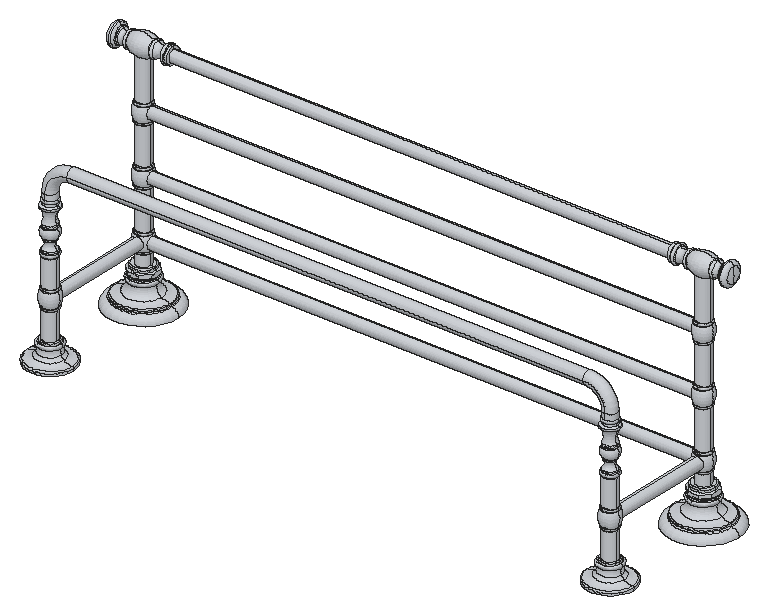
Revit family "Accessory-Towel_Bar-KOHLER-Artifacts-K-72575_1", category Specialty Equipment, host Face, Revit 2015 (continued)
Definition of nested family "K-72575"
  Automatic sketch dimensions
    Revolve 8 sketch curve to Revolve 8 sketch curve = 0.04899"
    Revolve 8 sketch curve to Revolve 8 sketch curve = 0.24786"
    Revolve 8 sketch curve to plane 12 = 0.24481"
    Revolve 8 sketch curve to Revolve 8 sketch curve = 0.01758"
    plane 12 to Revolve 8 sketch curve = 0.2323"
    Revolve 8 sketch curve to Revolve 8 sketch curve = 0.00064"
    Revolve 8 sketch curve to Revolve 8 sketch curve = 0.03423"
    plane 12 to Revolve 8 sketch curve = 0.56939"
    Revolve 8 sketch curve to Revolve 8 sketch curve = 0.62212"
    Revolve 8 sketch curve to Revolve 8 sketch curve = 0.04354"
    Revolve 8 sketch curve to Revolve 8 sketch curve = 0.08421"
    Revolve 8 sketch curve to Revolve 8 sketch curve = 0.11917"
    Revolve 8 sketch curve to Revolve 8 sketch curve = 0.04946"
    Revolve 8 sketch curve to Revolve 8 sketch curve = 0"  (x11)
    Revolve 8 sketch curve to Revolve 8 sketch curve = 3/128"
    Revolve 8 sketch curve to Revolve 8 sketch curve = 0.02277"
    Revolve 8 sketch curve to Revolve 8 sketch curve = 0.08394"
    Sweep 9 sketch curve to plane 4 "A" = 0"
    Sweep 9 sketch curve to plane 13 = 0"
    plane 5 "B" to Sweep 9 sketch curve = 0"
    plane 15 to Sweep 9 sketch curve = 143/256"
    Sweep 9 sketch curve to Sweep 9 sketch curve = 0.25533"  (x2)
    plane 17 "C" to Sweep 9 sketch curve = 0"
    Sweep 9 sketch curve to profile plane = 0"
    Revolve 10 sketch curve to level = 0"  (x2)
    plane 5 "B" to Revolve 10 sketch curve = 0"  (x2)
    Revolve 10 sketch curve to plane 12 = 0.01966"
    plane 5 "B" to Revolve 10 sketch curve = 0.07216"
    plane 5 "B" to Revolve 10 sketch curve = 0.1261"
    plane 5 "B" to Revolve 10 sketch curve = 0.21218"
    plane 5 "B" to Revolve 10 sketch curve = 0.26686"
    plane 5 "B" to Revolve 10 sketch curve = 0.2716"
    Revolve 10 sketch curve to Revolve 10 sketch curve = 0.00399"
    plane 5 "B" to Revolve 10 sketch curve = 0.2788"
    Revolve 10 sketch curve to Revolve 10 sketch curve = 0.01793"
    Revolve 10 sketch curve to Revolve 10 sketch curve = 0.00878"
    Revolve 10 sketch curve to Revolve 10 sketch curve = 0.16519"
    plane 5 "B" to Revolve 10 sketch curve = 0.29929"
    Revolve 10 sketch curve to Revolve 10 sketch curve = 0.01829"
    Revolve 10 sketch curve to Revolve 10 sketch curve = 0.00736"
    Revolve 10 sketch curve to Revolve 10 sketch curve = 0.00357"
    Revolve 10 sketch curve to Revolve 10 sketch curve = 0.02622"
    Revolve 10 sketch curve to Revolve 10 sketch curve = 0.10908"
    Revolve 10 sketch curve to Revolve 10 sketch curve = 0.03404"
    Revolve 10 sketch curve to Revolve 10 sketch curve = 0.05276"
    Revolve 10 sketch curve to Revolve 10 sketch curve = 0.04771"
    Revolve 10 sketch curve to Revolve 10 sketch curve = 0.07301"
    Revolve 10 sketch curve to Revolve 10 sketch curve = 0.05632"
    Revolve 10 sketch curve to Revolve 10 sketch curve = 0.05428"
    Revolve 10 sketch curve to Revolve 10 sketch curve = 0.0551"
    Revolve 10 sketch curve to Revolve 10 sketch curve = 0.06404"
    Revolve 10 sketch curve to Revolve 10 sketch curve = 0.00094"
    Revolve 10 sketch curve to Revolve 10 sketch curve = 0.02951"
    Revolve 10 sketch curve to Revolve 10 sketch curve = 0.06325"
    Revolve 10 sketch curve to Revolve 10 sketch curve = 0.137"
    Revolve 10 sketch curve to Revolve 10 sketch curve = 0.34356"
    Revolve 10 sketch curve to Revolve 10 sketch curve = 0.47843"
    Revolve 10 sketch curve to Revolve 10 sketch curve = 0.07831"
    Revolve 10 sketch curve to Revolve 10 sketch curve = 0.06278"
    Revolve 10 sketch curve to level = 0.09072"
    Revolve 10 sketch curve to Revolve 10 sketch curve = 0.15118"
    Revolve 10 sketch curve to Revolve 10 sketch curve = 0.04823"
    Revolve 10 sketch curve to plane 11 = 0.00007"
    Revolve 10 sketch curve to plane 5 "B" = 0.28471"
    Revolve 10 sketch curve to Revolve 10 sketch curve = 0.402"
    Revolve 10 sketch curve to Revolve 10 sketch curve = 0.02945"
    Revolve 10 sketch curve to Revolve 10 sketch curve = 0.15752"
    Revolve 10 sketch curve to Revolve 10 sketch curve = 0.2095"
    Revolve 10 sketch curve to Revolve 10 sketch curve = 0.0605"
    Revolve 10 sketch curve to Revolve 10 sketch curve = 0.06893"
    plane 11 to Revolve 10 sketch curve = 0.43601"
    Revolve 10 sketch curve to Revolve 10 sketch curve = 0.07678"
    Revolve 10 sketch curve to Revolve 10 sketch curve = 0.03964"
    Revolve 10 sketch curve to plane 11 = 0.31958"
    Revolve 10 sketch curve to Revolve 10 sketch curve = 0.03965"
    Revolve 10 sketch curve to Revolve 10 sketch curve = 17/256"
    plane 12 to Revolve 10 sketch curve = 0.90475"
    Revolve 10 sketch curve to Revolve 10 sketch curve = 0.0965"
    Revolve 10 sketch curve to Revolve 10 sketch curve = 0.06019"
    Revolve 10 sketch curve to Revolve 10 sketch curve = 0.04899"
    Revolve 10 sketch curve to Revolve 10 sketch curve = 0.24786"
    plane 12 to Revolve 10 sketch curve = 0.24481"
    Revolve 10 sketch curve to Revolve 10 sketch curve = 0.01758"
    Revolve 10 sketch curve to plane 12 = 0.2323"
    Revolve 10 sketch curve to Revolve 10 sketch curve = 0.00064"
    Revolve 10 sketch curve to Revolve 10 sketch curve = 0.03423"
    Revolve 10 sketch curve to plane 12 = 0.56939"
    Revolve 10 sketch curve to Revolve 10 sketch curve = 0.62212"
    Revolve 10 sketch curve to Revolve 10 sketch curve = 0.04354"
    Revolve 10 sketch curve to Revolve 10 sketch curve = 0.08421"
    Revolve 10 sketch curve to Revolve 10 sketch curve = 0.11917"
    Revolve 10 sketch curve to Revolve 10 sketch curve = 0.04946"
    Revolve 10 sketch curve to Revolve 10 sketch curve = 0.03997"
    Revolve 10 sketch curve to Revolve 10 sketch curve = 0"  (x11)
    Revolve 10 sketch curve to Revolve 10 sketch curve = 0.02527"
    Revolve 10 sketch curve to Revolve 10 sketch curve = 0.08394"
    Revolve 11 sketch curve to level = 0"  (x2)
    Revolve 11 sketch curve to plane 14 = 0"
    plane 5 "B" to Revolve 11 sketch curve = 0"  (x2)
    plane 5 "B" to Revolve 11 sketch curve = 0.29917"
    plane 5 "B" to Revolve 11 sketch curve = 0.30052"
    plane 5 "B" to Revolve 11 sketch curve = 0.3012"
    plane 5 "B" to Revolve 11 sketch curve = 0.30123"
    Revolve 11 sketch curve to Revolve 11 sketch curve = 0.00571"
    Revolve 11 sketch curve to Revolve 11 sketch curve = 0.00843"
    Revolve 11 sketch curve to Revolve 11 sketch curve = 0.0071"
    Revolve 11 sketch curve to Revolve 11 sketch curve = 0.01241"  (x2)
    Revolve 11 sketch curve to Revolve 11 sketch curve = 0.0122"
    Revolve 11 sketch curve to Revolve 11 sketch curve = 0.03081"
    Revolve 11 sketch curve to Revolve 11 sketch curve = 0.03344"  (x2)
    Revolve 11 sketch curve to Revolve 11 sketch curve = 0.03331"
    Revolve 11 sketch curve to Revolve 11 sketch curve = 0.03346"
    Revolve 11 sketch curve to Revolve 11 sketch curve = 0.03637"
    Revolve 11 sketch curve to Revolve 11 sketch curve = 0.04431"  (x2)
    Revolve 11 sketch curve to Revolve 11 sketch curve = 0.04425"
    Revolve 11 sketch curve to Revolve 11 sketch curve = 0.05194"  (x2)
    Revolve 11 sketch curve to Revolve 11 sketch curve = 0.05214"
    Revolve 11 sketch curve to Revolve 11 sketch curve = 0.15986"
    Revolve 11 sketch curve to Revolve 11 sketch curve = 0.03881"
    Revolve 11 sketch curve to Revolve 11 sketch curve = 0.01162"
    Revolve 11 sketch curve to Revolve 11 sketch curve = 0.02915"
    Revolve 11 sketch curve to Revolve 11 sketch curve = 0.03956"
    Revolve 11 sketch curve to Revolve 11 sketch curve = 0.02776"
    Revolve 11 sketch curve to Revolve 11 sketch curve = 0.04423"
    Revolve 11 sketch curve to Revolve 11 sketch curve = 0.06331"
    Revolve 11 sketch curve to Revolve 11 sketch curve = 0.02841"
    Revolve 11 sketch curve to Revolve 11 sketch curve = 0.16427"
    Revolve 11 sketch curve to Revolve 11 sketch curve = 0.3264"
    plane 15 to Revolve 11 sketch curve = 0.3523"
    Revolve 11 sketch curve to Revolve 11 sketch curve = 0.03118"
    level to Revolve 11 sketch curve = 0.00113"
    plane 15 to Revolve 11 sketch curve = 0.31703"
    plane 15 to Revolve 11 sketch curve = 0.28706"
    Revolve 11 sketch curve to Revolve 11 sketch curve = 0.0377"
    plane 15 to Revolve 11 sketch curve = 0"
    Revolve 11 sketch curve to plane 11 = 0.00022"
    Revolve 11 sketch curve to plane 5 "B" = 0.2671"
    Revolve 11 sketch curve to plane 12 = 0.00041"
    Revolve 11 sketch curve to plane 5 "B" = 0.26746"
    plane 13 to Revolve 11 sketch curve = 0.04661"
    Revolve 11 sketch curve to plane 5 "B" = 0.26917"
    Revolve 11 sketch curve to Revolve 11 sketch curve = 0.35314"
    Revolve 11 sketch curve to Revolve 11 sketch curve = 0.05691"
    Revolve 11 sketch curve to Revolve 11 sketch curve = 0.4679"
    Revolve 11 sketch curve to Revolve 11 sketch curve = 0.10388"
    Revolve 11 sketch curve to Revolve 11 sketch curve = 0.09152"
    Revolve 11 sketch curve to Revolve 11 sketch curve = 0.06089"
    Revolve 11 sketch curve to Revolve 11 sketch curve = 0.04434"
    Revolve 11 sketch curve to Revolve 11 sketch curve = 0.0987"
    Revolve 11 sketch curve to Revolve 11 sketch curve = 0.06608"
    Revolve 11 sketch curve to Revolve 11 sketch curve = 0.22309"
    Revolve 11 sketch curve to Revolve 11 sketch curve = 0.0852"
    Revolve 11 sketch curve to plane 11 = 0.42544"
    Revolve 11 sketch curve to Revolve 11 sketch curve = 0.06437"  (x2)
    Revolve 11 sketch curve to Revolve 11 sketch curve = 0.04173"  (x2)
    plane 11 to Revolve 11 sketch curve = 0.31567"
    Revolve 11 sketch curve to Revolve 11 sketch curve = 0.04164"  (x2)
    Revolve 11 sketch curve to Revolve 11 sketch curve = 0.06813"
    Revolve 11 sketch curve to plane 12 = 0.42858"
    Revolve 11 sketch curve to Revolve 11 sketch curve = 0.00312"
    Revolve 11 sketch curve to Revolve 11 sketch curve = 0.06426"
    Revolve 11 sketch curve to Revolve 11 sketch curve = 0.0419"
    plane 12 to Revolve 11 sketch curve = 0.31576"
    Revolve 11 sketch curve to Revolve 11 sketch curve = 0.04041"
    Revolve 11 sketch curve to Revolve 11 sketch curve = 0.07173"
    Revolve 11 sketch curve to Revolve 11 sketch curve = 0.01233"
    plane 13 to Revolve 11 sketch curve = 0.47183"
    Revolve 11 sketch curve to plane 13 = 0.26929"
    Revolve 11 sketch curve to Revolve 11 sketch curve = 0.06555"
    Revolve 11 sketch curve to Revolve 11 sketch curve = 0"  (x10)
    Revolve 11 sketch curve to Revolve 11 sketch curve = 0.01391"
    Revolve 11 sketch curve to Revolve 11 sketch curve = 0.01112"
    Revolve 11 sketch curve to Revolve 11 sketch curve = 0.01044"
    Revolve 11 sketch curve to Revolve 11 sketch curve = 0.00073"
    Revolve 11 sketch curve to Revolve 11 sketch curve = 0.02369"  (x2)
    Revolve 11 sketch curve to Revolve 11 sketch curve = 0.02379"
    Revolve 11 sketch curve to Revolve 11 sketch curve = 0.02439"
    Revolve 11 sketch curve to Revolve 11 sketch curve = 0.01943"
    Revolve 11 sketch curve to Revolve 11 sketch curve = 0.02102"
    level to Revolve 11 sketch curve = 1/2"
    Revolve 12 sketch curve to plane 11 = 0"  (x2)
    Revolve 12 sketch curve to plane 17 "C" = 0"
    Revolve 12 sketch curve to plane 1 "Center (Front/Back)" = 0"  (x2)
    plane 11 to Revolve 12 sketch curve = 1/4"
    plane 1 "Center (Front/Back)" to Revolve 12 sketch curve = 0.36027"
    Revolve 13 sketch curve to plane 17 "C" = 0"
    Revolve 13 sketch curve to plane 11 = 0"  (x2)
    Revolve 13 sketch curve to plane 1 "Center (Front/Back)" = 0"  (x2)
    Revolve 13 sketch curve to Revolve 13 sketch curve = 1/4"
    Revolve 13 sketch curve to plane 1 "Center (Front/Back)" = 0.28073"
    Masking region 1 sketch curve to Masking region 1 sketch curve = 0"  (x99)
    Masking region 1 sketch curve to level = 0"  (x2)
    Masking region 1 sketch curve to plane 6 = 0"
    Masking region 1 sketch curve to plane 14 = 0"  (x2)
    Masking region 1 sketch curve to plane 4 "A" = 0"  (x3)
    plane 7 to Masking region 1 sketch curve = 0"
    Masking region 1 sketch curve to plane 15 = 0"
    plane 5 "B" to Masking region 1 sketch curve = 0"  (x3)
    plane 16 to Masking region 1 sketch curve = 0"
    level to Masking region 1 sketch curve = 0.00113"  (x4)
    Masking region 1 sketch curve to Masking region 1 sketch curve = 0.0377"  (x4)
    Masking region 1 sketch curve to Masking region 1 sketch curve = 0.03118"  (x4)
    Masking region 1 sketch curve to Masking region 1 sketch curve = 0.00046"  (x4)
    Masking region 1 sketch curve to Masking region 1 sketch curve = 0.00366"  (x4)
    Masking region 1 sketch curve to Masking region 1 sketch curve = 0.03569"  (x2)
    Masking region 1 sketch curve to Masking region 1 sketch curve = 0.15685"  (x4)
    Masking region 1 sketch curve to Masking region 1 sketch curve = 0.3264"  (x4)
    Masking region 1 sketch curve to Masking region 1 sketch curve = 0.00933"  (x2)
    Masking region 1 sketch curve to Masking region 1 sketch curve = 0.01908"  (x2)
    Masking region 1 sketch curve to Masking region 1 sketch curve = 0.03555"  (x2)
    Masking region 1 sketch curve to Masking region 1 sketch curve = 0.00593"  (x2)
    Masking region 1 sketch curve to Masking region 1 sketch curve = 0.19137"  (x4)
    Masking region 1 sketch curve to Masking region 1 sketch curve = 0.06331"  (x4)
    Masking region 1 sketch curve to Masking region 1 sketch curve = 0.03147"  (x3)
    Masking region 1 sketch curve to Masking region 1 sketch curve = 0.0195"  (x4)
    Masking region 1 sketch curve to Masking region 1 sketch curve = 0.06259"  (x3)
    Masking region 1 sketch curve to Masking region 1 sketch curve = 0.06918"  (x4)
    Masking region 1 sketch curve to Masking region 1 sketch curve = 0.03881"  (x4)
    Masking region 1 sketch curve to plane 4 "A" = 0.36421"
    Masking region 1 sketch curve to plane 4 "A" = 0.36063"
    Masking region 1 sketch curve to plane 4 "A" = 0.36025"
    Masking region 1 sketch curve to plane 4 "A" = 0.35974"
    Masking region 1 sketch curve to plane 4 "A" = 0.35818"
    Masking region 1 sketch curve to plane 4 "A" = 0.35795"
    Masking region 1 sketch curve to plane 4 "A" = 0.35765"
    Masking region 1 sketch curve to plane 4 "A" = 0.35589"
    Masking region 1 sketch curve to Masking region 1 sketch curve = 0.02388"  (x3)
    Masking region 1 sketch curve to Masking region 1 sketch curve = 0.0242"  (x2)
    Masking region 1 sketch curve to Masking region 1 sketch curve = 0.02328"  (x3)
    Masking region 1 sketch curve to Masking region 1 sketch curve = 0.02314"  (x2)
    Masking region 1 sketch curve to Masking region 1 sketch curve = 0.02685"  (x2)
    Masking region 1 sketch curve to Masking region 1 sketch curve = 0.04431"  (x6)
    Masking region 1 sketch curve to Masking region 1 sketch curve = 0.04425"  (x4)
    Masking region 1 sketch curve to Masking region 1 sketch curve = 0.04962"  (x2)
    Masking region 1 sketch curve to Masking region 1 sketch curve = 0.05194"  (x6)
    Masking region 1 sketch curve to Masking region 1 sketch curve = 0.05214"  (x3)
    Masking region 1 sketch curve to Masking region 1 sketch curve = 0.05737"  (x3)
    Masking region 1 sketch curve to Masking region 1 sketch curve = 0.15986"  (x4)
    Masking region 1 sketch curve to Masking region 1 sketch curve = 0.03331"  (x3)
    Masking region 1 sketch curve to Masking region 1 sketch curve = 0.03081"  (x4)
    Masking region 1 sketch curve to Masking region 1 sketch curve = 0.03344"  (x4)
    Masking region 1 sketch curve to Masking region 1 sketch curve = 0.06504"  (x4)
    Masking region 1 sketch curve to Masking region 1 sketch curve = 0.07663"  (x4)
    Masking region 1 sketch curve to Masking region 1 sketch curve = 0.02582"  (x2)
    Masking region 1 sketch curve to Masking region 1 sketch curve = 0.02703"  (x3)
    Masking region 1 sketch curve to plane 11 = 0.00022"  (x4)
    Masking region 1 sketch curve to plane 4 "A" = 0.2671"
    Masking region 1 sketch curve to Masking region 1 sketch curve = 0.05594"  (x2)
    Masking region 1 sketch curve to plane 12 = 0.02258"  (x2)
    Masking region 1 sketch curve to plane 4 "A" = 0.2185"
    Masking region 1 sketch curve to Masking region 1 sketch curve = 0.02163"  (x2)
    plane 4 "A" to Masking region 1 sketch curve = 0.25508"
    plane 4 "A" to Masking region 1 sketch curve = 0.2671"
    Masking region 1 sketch curve to plane 12 = 0.00041"  (x2)
    plane 4 "A" to Masking region 1 sketch curve = 0.26746"
    plane 13 to Masking region 1 sketch curve = 0.04661"  (x2)
    plane 4 "A" to Masking region 1 sketch curve = 0.26917"
    plane 4 "A" to Masking region 1 sketch curve = 0.27214"
    Masking region 1 sketch curve to Masking region 1 sketch curve = 0.03012"  (x2)
    Masking region 1 sketch curve to Masking region 1 sketch curve = 0.01544"  (x2)
    plane 4 "A" to Masking region 1 sketch curve = 0.29917"  (x2)
    Masking region 1 sketch curve to Masking region 1 sketch curve = 0.01159"
    plane 4 "A" to Masking region 1 sketch curve = 0.30053"
    Masking region 1 sketch curve to Masking region 1 sketch curve = 0.04612"  (x2)
    plane 4 "A" to Masking region 1 sketch curve = 0.30123"
    Masking region 1 sketch curve to Masking region 1 sketch curve = 0.01806"  (x2)
    Masking region 1 sketch curve to Masking region 1 sketch curve = 0.00571"  (x2)
    Masking region 1 sketch curve to Masking region 1 sketch curve = 0.00843"  (x2)
    Masking region 1 sketch curve to Masking region 1 sketch curve = 0.00505"  (x2)
    Masking region 1 sketch curve to Masking region 1 sketch curve = 0.00981"  (x3)
    Masking region 1 sketch curve to Masking region 1 sketch curve = 0.0122"  (x2)
    Masking region 1 sketch curve to Masking region 1 sketch curve = 0.01241"  (x3)
    Masking region 1 sketch curve to Masking region 1 sketch curve = 0.03637"  (x2)
    Masking region 1 sketch curve to Masking region 1 sketch curve = 0.03311"  (x3)
    Masking region 1 sketch curve to Masking region 1 sketch curve = 0.03278"
    Masking region 1 sketch curve to Masking region 1 sketch curve = 0.01916"  (x2)
    Masking region 1 sketch curve to Masking region 1 sketch curve = 0.05176"
    Masking region 1 sketch curve to Masking region 1 sketch curve = 0.00205"  (x2)
    Masking region 1 sketch curve to Masking region 1 sketch curve = 0.00037"  (x2)
    Masking region 1 sketch curve to Masking region 1 sketch curve = 0.05173"
    Masking region 1 sketch curve to Masking region 1 sketch curve = 0.00226"  (x2)
    Masking region 1 sketch curve to Masking region 1 sketch curve = 0.00022"  (x2)
    Masking region 1 sketch curve to Masking region 1 sketch curve = 0.17005"
    Masking region 1 sketch curve to Masking region 1 sketch curve = 0.01701"
    Masking region 1 sketch curve to Masking region 1 sketch curve = 0.18705"
    Masking region 1 sketch curve to Masking region 1 sketch curve = 0.01162"  (x2)
    Masking region 1 sketch curve to Masking region 1 sketch curve = 0.02915"  (x2)
    Masking region 1 sketch curve to Masking region 1 sketch curve = 0.071"  (x4)
    Masking region 1 sketch curve to Masking region 1 sketch curve = 0.02776"  (x2)
    Masking region 1 sketch curve to Masking region 1 sketch curve = 0.04423"  (x2)
    Masking region 1 sketch curve to Masking region 1 sketch curve = 0.02841"  (x2)
    Masking region 1 sketch curve to Masking region 1 sketch curve = 0.08143"  (x4)
    Masking region 1 sketch curve to Masking region 1 sketch curve = 0.12327"  (x4)
    plane 15 to Masking region 1 sketch curve = 0.23031"  (x2)
    plane 15 to Masking region 1 sketch curve = 0.28342"
    plane 15 to Masking region 1 sketch curve = 0.28705"
    plane 15 to Masking region 1 sketch curve = 0.31703"
    Masking region 1 sketch curve to Masking region 1 sketch curve = 0.11578"  (x2)
    plane 13 to Masking region 1 sketch curve = 0.27538"
    plane 15 to Masking region 1 sketch curve = 0.55491"
    Masking region 1 sketch curve to Masking region 1 sketch curve = 0.20799"
    Masking region 1 sketch curve to Masking region 1 sketch curve = 0.03352"
    Masking region 1 sketch curve to Masking region 1 sketch curve = 0.1417"  (x4)
    plane 15 to Masking region 1 sketch curve = 0.74062"
    Masking region 1 sketch curve to Masking region 1 sketch curve = 0.21518"
    Masking region 1 sketch curve to Masking region 1 sketch curve = 0.24892"  (x4)
    Masking region 1 sketch curve to Masking region 1 sketch curve = 0.088"
    plane 5 "B" to Masking region 1 sketch curve = 0.36421"
    plane 5 "B" to Masking region 1 sketch curve = 0.36063"
    plane 5 "B" to Masking region 1 sketch curve = 0.36025"
    plane 5 "B" to Masking region 1 sketch curve = 0.36021"
    plane 5 "B" to Masking region 1 sketch curve = 0.35974"
    plane 5 "B" to Masking region 1 sketch curve = 0.35969"
    Masking region 1 sketch curve to Masking region 1 sketch curve = 0.33822"  (x2)
    plane 5 "B" to Masking region 1 sketch curve = 0.29917"
    plane 5 "B" to Masking region 1 sketch curve = 0.26917"
    Masking region 1 sketch curve to Masking region 1 sketch curve = 0.09223"
    Masking region 1 sketch curve to Masking region 1 sketch curve = 0.09311"
    plane 12 to Masking region 1 sketch curve = 0.0314"  (x2)
    Masking region 1 sketch curve to plane 5 "B" = 0.19687"
    Masking region 1 sketch curve to plane 5 "B" = 0.25508"
    Masking region 1 sketch curve to plane 5 "B" = 0.2671"
    Masking region 1 sketch curve to plane 5 "B" = 0.27214"
    Masking region 1 sketch curve to plane 5 "B" = 0.29917"  (x2)
    Masking region 1 sketch curve to plane 5 "B" = 0.30053"
    Masking region 1 sketch curve to plane 5 "B" = 0.30123"
    Masking region 1 sketch curve to Masking region 1 sketch curve = 0.18886"
    Masking region 1 sketch curve to plane 5 "B" = 0.48939"
    Masking region 1 sketch curve to Masking region 1 sketch curve = 0.42384"  (x3)
    Masking region 1 sketch curve to Masking region 1 sketch curve = 0.03203"  (x2)
    Masking region 1 sketch curve to Masking region 1 sketch curve = 0.15951"  (x4)
    plane 16 to Masking region 1 sketch curve = 0.3523"
    plane 16 to Masking region 1 sketch curve = 0.31703"
    Masking region 1 sketch curve to Masking region 1 sketch curve = 0.09301"  (x2)
    plane 16 to Masking region 1 sketch curve = 0.28705"
    level to Masking region 1 sketch curve = 0.35427"  (x2)
    Masking region 1 sketch curve to Masking region 1 sketch curve = 0.35314"  (x2)
    Masking region 1 sketch curve to Masking region 1 sketch curve = 0.05691"  (x4)
    Masking region 1 sketch curve to Masking region 1 sketch curve = 0.4679"  (x4)
    Masking region 1 sketch curve to Masking region 1 sketch curve = 0.10388"  (x4)
    Masking region 1 sketch curve to Masking region 1 sketch curve = 0.09152"  (x4)
    Masking region 1 sketch curve to Masking region 1 sketch curve = 0.06089"  (x4)
    Masking region 1 sketch curve to Masking region 1 sketch curve = 0.04434"  (x4)
    Masking region 1 sketch curve to Masking region 1 sketch curve = 0.01817"  (x4)
    Masking region 1 sketch curve to Masking region 1 sketch curve = 0.54876"  (x4)
    Masking region 1 sketch curve to Masking region 1 sketch curve = 0.18009"  (x4)
    Masking region 1 sketch curve to Masking region 1 sketch curve = 0.03614"  (x4)
    Masking region 1 sketch curve to Masking region 1 sketch curve = 0.0852"  (x4)
    Masking region 1 sketch curve to plane 11 = 0.42544"  (x3)
    Masking region 1 sketch curve to Masking region 1 sketch curve = 0.06437"  (x6)
    Masking region 1 sketch curve to Masking region 1 sketch curve = 0.04173"  (x6)
    Masking region 1 sketch curve to Masking region 1 sketch curve = 0.06935"  (x2)
    plane 11 to Masking region 1 sketch curve = 1/4"
    Masking region 1 sketch curve to Masking region 1 sketch curve = 0.06567"  (x2)
    plane 11 to Masking region 1 sketch curve = 0.31567"  (x2)
    Masking region 1 sketch curve to Masking region 1 sketch curve = 0.05386"  (x2)
    Masking region 1 sketch curve to Masking region 1 sketch curve = 0.04164"  (x6)
    Masking region 1 sketch curve to Masking region 1 sketch curve = 0.06476"  (x4)
    Masking region 1 sketch curve to Masking region 1 sketch curve = 0.00216"  (x4)
    Masking region 1 sketch curve to Masking region 1 sketch curve = 0.88259"
    Masking region 1 sketch curve to Masking region 1 sketch curve = 0.09695"  (x4)
    Masking region 1 sketch curve to Masking region 1 sketch curve = 0.06016"  (x4)
    Masking region 1 sketch curve to Masking region 1 sketch curve = 0.04447"  (x4)
    Masking region 1 sketch curve to Masking region 1 sketch curve = 0.24336"  (x4)
    Masking region 1 sketch curve to Masking region 1 sketch curve = 0.00312"  (x4)
    Masking region 1 sketch curve to Masking region 1 sketch curve = 0.06426"  (x4)
    Masking region 1 sketch curve to Masking region 1 sketch curve = 0.0419"  (x4)
    Masking region 1 sketch curve to Masking region 1 sketch curve = 0.05706"  (x2)
    plane 12 to Masking region 1 sketch curve = 1/4"
    Masking region 1 sketch curve to Masking region 1 sketch curve = 0.06576"  (x2)
    plane 12 to Masking region 1 sketch curve = 0.31576"  (x2)
    Masking region 1 sketch curve to Masking region 1 sketch curve = 0.05287"  (x2)
    Masking region 1 sketch curve to Masking region 1 sketch curve = 0.04041"  (x2)
    Masking region 1 sketch curve to Masking region 1 sketch curve = 0.07173"  (x4)
    Masking region 1 sketch curve to Masking region 1 sketch curve = 0.01233"  (x4)
    Masking region 1 sketch curve to Masking region 1 sketch curve = 0.36532"  (x2)
    Masking region 1 sketch curve to Masking region 1 sketch curve = 0.18741"  (x2)
    Masking region 1 sketch curve to Masking region 1 sketch curve = 0.40956"  (x4)
    Masking region 1 sketch curve to Masking region 1 sketch curve = 0.12243"  (x4)
    Masking region 1 sketch curve to Masking region 1 sketch curve = 0.02154"  (x4)
    Masking region 1 sketch curve to Masking region 1 sketch curve = 0.08842"  (x4)
    Masking region 1 sketch curve to Masking region 1 sketch curve = 0.12524"  (x4)
    Masking region 1 sketch curve to Masking region 1 sketch curve = 0.04416"  (x4)
    Masking region 1 sketch curve to Masking region 1 sketch curve = 0.2719"
    Masking region 1 sketch curve to Masking region 1 sketch curve = 0.23839"
    plane 13 to Masking region 1 sketch curve = 0.47183"  (x2)
    Masking region 1 sketch curve to plane 13 = 1/4"
    Masking region 1 sketch curve to Masking region 1 sketch curve = 0.01929"  (x2)
    Masking region 1 sketch curve to plane 13 = 0.26929"  (x2)
    Masking region 1 sketch curve to Masking region 1 sketch curve = 0.06555"  (x4)
    plane 14 to Masking region 1 sketch curve = 0.5146"  (x2)
    plane 14 to Masking region 1 sketch curve = 0.47541"  (x2)
    Masking region 1 sketch curve to Masking region 1 sketch curve = 0.06507"  (x2)
    plane 14 to Masking region 1 sketch curve = 0.39568"  (x2)
    Masking region 1 sketch curve to Masking region 1 sketch curve = 0.1233"  (x2)
    Masking region 1 sketch curve to Masking region 1 sketch curve = 0.00502"  (x2)
    Masking region 1 sketch curve to Masking region 1 sketch curve = 0.14315"
    Masking region 1 sketch curve to Masking region 1 sketch curve = 0.03889"
    Masking region 1 sketch curve to Masking region 1 sketch curve = 0.02713"  (x2)
    Masking region 1 sketch curve to Masking region 1 sketch curve = 0.03285"  (x2)
    Masking region 1 sketch curve to Masking region 1 sketch curve = 0.058"
    Masking region 1 sketch curve to Masking region 1 sketch curve = 0.03832"
    Masking region 1 sketch curve to Masking region 1 sketch curve = 0.04068"  (x4)
    Masking region 1 sketch curve to Masking region 1 sketch curve = 0.0301"  (x6)
    Masking region 1 sketch curve to Masking region 1 sketch curve = 0.02227"  (x3)
    Masking region 1 sketch curve to Masking region 1 sketch curve = 0.02927"  (x4)
    Masking region 1 sketch curve to Masking region 1 sketch curve = 0.0919"  (x4)
    Masking region 1 sketch curve to Masking region 1 sketch curve = 0.07114"  (x4)
    Masking region 1 sketch curve to Masking region 1 sketch curve = 0.09025"  (x4)
    Masking region 1 sketch curve to Masking region 1 sketch curve = 0.03297"  (x4)
    Masking region 1 sketch curve to Masking region 1 sketch curve = 0.10035"  (x2)
    Masking region 1 sketch curve to plane 14 = 0.25026"
    Masking region 1 sketch curve to plane 14 = 0.27081"  (x2)
    Masking region 1 sketch curve to plane 14 = 0.2812"  (x4)
    Masking region 1 sketch curve to Masking region 1 sketch curve = 0.0054"  (x2)
    Masking region 1 sketch curve to Masking region 1 sketch curve = 0.07808"  (x2)
    Masking region 1 sketch curve to Masking region 1 sketch curve = 0.05221"  (x2)
    Masking region 1 sketch curve to plane 14 = 0.47541"  (x2)
    Masking region 1 sketch curve to Masking region 1 sketch curve = 0.15615"  (x2)
    plane 6 to Masking region 1 sketch curve = 0.18858"
    Masking region 1 sketch curve to Masking region 1 sketch curve = 0.02121"  (x3)
    Masking region 1 sketch curve to Masking region 1 sketch curve = 0.01936"  (x3)
    Masking region 1 sketch curve to Masking region 1 sketch curve = 0.01943"  (x4)
    Masking region 1 sketch curve to Masking region 1 sketch curve = 0.0217"  (x2)
    Masking region 1 sketch curve to Masking region 1 sketch curve = 0.02439"  (x2)
    Masking region 1 sketch curve to Masking region 1 sketch curve = 0.02379"
    Masking region 1 sketch curve to Masking region 1 sketch curve = 0.01044"  (x3)
    Masking region 1 sketch curve to Masking region 1 sketch curve = 0.01391"  (x2)
    Masking region 1 sketch curve to Masking region 1 sketch curve = 0.01926"  (x2)
    Masking region 1 sketch curve to Masking region 1 sketch curve = 0.02102"  (x2)
    Masking region 1 sketch curve to plane 15 = 10 1/2"
    Masking region 1 sketch curve to Masking region 1 sketch curve = 10.92665"
    Masking region 1 sketch curve to Masking region 1 sketch curve = 0.31397"
    Masking region 1 sketch curve to Masking region 1 sketch curve = 0.02369"  (x2)
    Masking region 1 sketch curve to Masking region 1 sketch curve = 0.01336"
    level to curve 25 = 0.31674"
    curve 25 to curve 26 = 0.06331"
    curve 46 to curve 47 = 0.08633"
    curve 47 to curve 48 = 0.25891"
    curve 48 to curve 49 = 0.11423"
    curve 49 to curve 52 = 0.03166"
    curve 41 to plane 4 "A" = 0.33697"
    curve 43 to plane 4 "A" = 0.33674"
    curve 29 to plane 4 "A" = 0.33597"
    curve 35 to plane 4 "A" = 0.33535"
    curve 28 to plane 4 "A" = 0.33426"
    curve 34 to plane 4 "A" = 0.33376"
    curve 43 to curve 42 = 0.01182"
    curve 28 to curve 27 = 0.00998"
    curve 34 to curve 33 = 0.0097"
    curve 29 to curve 30 = 0.01243"
    curve 35 to curve 36 = 0.01372"
    curve 41 to curve 40 = 0.01665"
    curve 32 to plane 4 "A" = 0.30326"
    curve 32 to curve 32 = 0.00206"
    curve 45 to plane 4 "A" = 0.29917"
    curve 45 to curve 38 = 0"
    plane 4 "A" to curve 37 = 0.29917"
    curve 44 to curve 37 = 0"
    plane 4 "A" to curve 31 = 0.3012"
    curve 31 to curve 31 = 0.00206"
    plane 4 "A" to curve 40 = 41/128"
    plane 4 "A" to curve 36 = 0.32163"
    plane 4 "A" to curve 42 = 0.32338"
    plane 4 "A" to curve 30 = 0.32354"
    curve 31 to curve 33 = 0.02287"
    plane 4 "A" to curve 27 = 0.32428"
    curve 33 to curve 34 = 0.0097"
    curve 27 to curve 28 = 0.00998"
    curve 36 to curve 35 = 0.01372"
    curve 30 to curve 29 = 0.01243"
    curve 40 to curve 41 = 0.01665"
    curve 42 to curve 43 = 0.01375"
    plane 4 "A" to curve 51 = 0.4667"
    curve 51 to curve 50 = 0.04675"
    curve 50 to curve 56 = 0.09836"
    curve 53 to curve 54 = 0.10949"
    curve 54 to curve 55 = 0.03219"
    curve 26 to curve 25 = 0.06331"
    curve 55 to curve 57 = 0.12327"
    plane 15 to curve 112 = 0.23031"
    plane 15 to curve 80 = 0.28699"
    curve 80 to curve 81 = 0.06331"
    curve 112 to curve 110 = 0.12327"
    curve 110 to curve 109 = 0.03219"
    curve 109 to curve 108 = 0.10949"
    curve 108 to curve 111 = 0.39292"
    plane 5 "B" to curve 94 = 0.60382"
    curve 111 to curve 105 = 0.09836"
    curve 105 to curve 106 = 0.04675"
    plane 5 "B" to curve 98 = 0.33713"
    plane 5 "B" to curve 96 = 0.33697"
    plane 5 "B" to curve 84 = 0.33597"
    plane 5 "B" to curve 90 = 0.33535"
    plane 5 "B" to curve 83 = 0.33426"
    plane 5 "B" to curve 89 = 0.33376"
    curve 83 to curve 82 = 0.00998"
    curve 89 to curve 88 = 0.0097"
    curve 84 to curve 85 = 0.01243"
    curve 98 to curve 97 = 0.01375"
    curve 90 to curve 91 = 0.01372"
    curve 96 to curve 95 = 0.01665"
    plane 5 "B" to curve 86 = 0.30326"
    curve 86 to curve 86 = 0.00206"
    plane 5 "B" to curve 99 = 0.29917"
    curve 99 to curve 92 = 0"
    curve 93 to plane 5 "B" = 0.29917"
    curve 100 to curve 93 = 0"
    curve 87 to plane 5 "B" = 0.3012"
    curve 87 to curve 87 = 0.00206"
    curve 95 to plane 5 "B" = 41/128"
    curve 91 to plane 5 "B" = 0.32163"
    curve 85 to plane 5 "B" = 0.32354"
    curve 87 to curve 88 = 0.02287"
    curve 82 to plane 5 "B" = 0.32428"
    curve 97 to plane 5 "B" = 0.32492"
    curve 88 to curve 89 = 0.0097"
    curve 82 to curve 83 = 0.00998"
    curve 91 to curve 90 = 0.01372"
    curve 85 to curve 84 = 0.01243"
    curve 97 to curve 98 = 0.01182"
    curve 95 to curve 96 = 0.01665"
    curve 107 to plane 5 "B" = 0.47603"
    curve 107 to curve 104 = 0.03166"
    curve 94 to plane 5 "B" = 0.60382"
    curve 104 to curve 103 = 0.11423"
    curve 103 to curve 102 = 0.25891"
    curve 102 to curve 101 = 0.08633"
    plane 16 to curve 81 = 0.3503"
    curve 81 to curve 80 = 0.06331"
    level to curve 80 = 0.31674"
    curve 80 to curve 81 = 0.12556"
    curve 25 to curve 26 = 0.12556"
    curve 26 to curve 39 = 0.57123"
    curve 81 to curve 94 = 0.57123"
    curve 27 to plane 11 = 0.39365"
    curve 82 to plane 11 = 0.39365"
    curve 82 to curve 83 = 0.0864"
    curve 27 to curve 28 = 0.0864"
    plane 11 to curve 84 = 0.30345"
    plane 11 to curve 29 = 0.30345"
    curve 29 to curve 30 = 0.09018"
    curve 84 to curve 85 = 0.09018"
    curve 32 to plane 12 = 0.90517"
    curve 86 to plane 12 = 0.90517"
    curve 87 to curve 86 = 0"
    curve 31 to curve 32 = 0"
    curve 86 to curve 86 = 0.23323"
    curve 87 to curve 87 = 0.23323"
    curve 31 to curve 31 = 0.23323"
    curve 32 to curve 32 = 0.23323"
    curve 32 to curve 33 = 0.27827"
    curve 87 to curve 88 = 0.27827"
    curve 88 to curve 89 = 0.08644"
    curve 33 to curve 34 = 0.08644"
    plane 12 to curve 35 = 0.3033"
    plane 12 to curve 90 = 0.3033"
    curve 90 to curve 91 = 0.08881"
    curve 35 to curve 36 = 0.08881"
    curve 36 to curve 37 = 0.45769"
    curve 91 to curve 92 = 0.45769"
    curve 91 to curve 93 = 0.45769"
    curve 36 to curve 38 = 0.45769"
    curve 93 to curve 93 = 0.23239"
    curve 37 to curve 37 = 0.23239"
    curve 92 to curve 92 = 0.23239"
    curve 38 to curve 38 = 0.23239"
    curve 38 to curve 45 = 0.12524"
    curve 92 to curve 99 = 0.12524"
    curve 93 to curve 100 = 0.12524"
    curve 37 to curve 44 = 0.12524"
    curve 45 to curve 45 = 0.08832"
    curve 44 to curve 44 = 0.08832"
    curve 99 to curve 99 = 0.08832"
    curve 100 to curve 100 = 0.08832"
    plane 13 to curve 97 = 0.43903"
    plane 13 to curve 42 = 0.43903"
    curve 42 to curve 43 = 0.05483"
    curve 97 to curve 98 = 0.05483"
    curve 41 to plane 13 = 0.28629"
    curve 96 to plane 13 = 0.28629"
    curve 96 to curve 95 = 0.06141"
    curve 41 to curve 40 = 0.06141"
    plane 14 to curve 54 = 0.36641"
    plane 14 to curve 109 = 0.36641"
    plane 14 to curve 101 = 0.35774"
    plane 14 to curve 46 = 0.35774"
    curve 54 to curve 55 = 0.0158"
    curve 109 to curve 110 = 0.0158"
    curve 109 to curve 108 = 0.02241"
    curve 54 to curve 53 = 0.02241"
    plane 14 to curve 105 = 0.33856"
    plane 14 to curve 50 = 0.33856"
    curve 105 to curve 106 = 0.00338"
    curve 50 to curve 51 = 0.00338"
    plane 14 to curve 104 = 0.33352"
    plane 14 to curve 49 = 0.33352"
    curve 105 to curve 111 = 0.00744"
    curve 50 to curve 56 = 0.00744"
    curve 104 to curve 107 = 0.00378"
    curve 49 to curve 52 = 0.00378"
    curve 46 to curve 47 = 0.03507"
    curve 101 to curve 102 = 0.03507"
    curve 104 to curve 103 = 0.01609"
    curve 49 to curve 48 = 0.01609"
    curve 55 to curve 57 = 0.10035"
    curve 110 to curve 112 = 0.10035"
    curve 112 to plane 14 = 0.25026"
    curve 57 to plane 14 = 0.25026"
    curve 103 to plane 14 = 0.31743"
    curve 48 to plane 14 = 0.31743"
    curve 48 to curve 47 = 0.00524"
    curve 103 to curve 102 = 0.00524"
    curve 48 to curve 52 = 0.01231"
    curve 103 to curve 107 = 0.01231"
    curve 111 to plane 14 = 0.33112"
    curve 56 to plane 14 = 0.33112"
    curve 52 to curve 49 = 0.00378"
    curve 107 to curve 104 = 0.00378"
    curve 56 to curve 51 = 0.00406"
    curve 111 to curve 106 = 0.00406"
    curve 51 to curve 50 = 0.00338"
    curve 106 to curve 105 = 0.00338"
    curve 112 to curve 108 = 3/32"
    curve 57 to curve 53 = 3/32"
    curve 53 to curve 55 = 0.00661"
    curve 108 to curve 110 = 0.00661"
    curve 47 to curve 46 = 0.03507"
    curve 102 to curve 101 = 0.03507"
    curve 110 to curve 109 = 0.0158"
    curve 55 to curve 54 = 0.0158"
    curve 15 to plane 4 "A" = 0"
    curve 14 to plane 4 "A" = 0"
    plane 5 "B" to curve 72 = 0"
    plane 5 "B" to curve 71 = 0"
    curve 8 to plane 4 "A" = 0.233"
    plane 4 "A" to curve 22 = 0.12783"
    plane 4 "A" to curve 11 = 0.233"
    plane 4 "A" to curve 18 = 0.29917"
    curve 18 to curve 20 = 0.01394"
    curve 18 to curve 19 = 0.035"
    curve 20 to curve 21 = 0.04371"
    curve 21 to curve 23 = 0.01785"
    plane 5 "B" to curve 60 = 0.37468"
    curve 79 to curve 78 = 0.01785"
    curve 78 to curve 76 = 0.02266"
    curve 78 to curve 77 = 0.04371"
    curve 76 to curve 75 = 0.035"
    plane 5 "B" to curve 68 = 0.233"
    plane 5 "B" to curve 79 = 0.12783"
    curve 65 to plane 5 "B" = 0.233"
    level to curve 71 = 0.42221"
    level to curve 14 = 0.42221"
    curve 14 to curve 8 = 0.87555"
    curve 71 to curve 65 = 0.87555"
    curve 11 to curve 11 = 0.12549"
    curve 69 to curve 68 = 0.12549"
    curve 15 to plane 11 = 0.24143"
    curve 72 to plane 11 = 0.24143"
    plane 13 to curve 18 = 0.47232"
    plane 13 to curve 76 = 0.47232"
    curve 18 to curve 20 = 0.06501"
    curve 75 to curve 77 = 0.06501"
    curve 77 to curve 78 = 0.04206"
    curve 20 to curve 21 = 0.04206"
    curve 78 to curve 60 = 0.11525"
    plane 13 to curve 22 = 0.20816"
    plane 13 to curve 79 = 0.20816"
    curve 1 to plane 4 "A" = 0.30053"
    curve 6 to curve 8 = 0.06824"
    curve 9 to curve 14 = 0.39775"
    curve 10 to plane 11 = 0.24143"
    curve 10 to plane 4 "A" = 0.39775"
    curve 7 to curve 9 = 0.10216"
    curve 17 to curve 10 = 0.14292"
    curve 16 to curve 17 = 0.01041"
    curve 9 to curve 7 = 0.06259"
    curve 10 to curve 16 = 0.01142"
    plane 4 "A" to curve 1 = 0.30053"
    curve 13 to curve 6 = 0.06824"
    curve 20 to curve 19 = 0"
    curve 21 to curve 22 = 0"
    plane 4 "A" to curve 3 = 0.33741"
    plane 4 "A" to curve 4 = 23/64"
    plane 4 "A" to curve 4 = 0.35969"
    plane 4 "A" to curve 5 = 0.36003"
    plane 4 "A" to curve 5 = 0.36021"
    curve 11 to curve 12 = 0.16475"
    curve 13 to curve 13 = 0.16475"
    curve 13 to curve 7 = 0.10216"
    curve 12 to curve 17 = 0.14292"
    curve 17 to curve 16 = 0.01041"
    curve 16 to curve 12 = 0.01142"
    curve 7 to curve 13 = 0.06259"
    curve 24 to plane 13 = 1/4"
    curve 24 to curve 23 = 0.32172"
    curve 70 to curve 68 = 0.3295"
    curve 70 to curve 69 = 0"
    curve 69 to curve 73 = 0.01142"
    curve 73 to curve 74 = 0.01041"
    curve 70 to curve 64 = 0.06259"
    plane 5 "B" to curve 70 = 0.39775"
    curve 69 to plane 11 = 0.24143"
    plane 5 "B" to curve 69 = 0.39775"
    curve 69 to curve 62 = 0.03754"
    plane 5 "B" to curve 62 = 0.36003"
    plane 5 "B" to curve 61 = 0.35969"
    plane 5 "B" to curve 61 = 23/64"
    plane 5 "B" to curve 60 = 0.33741"
    curve 78 to curve 77 = 0.01969"
    curve 78 to curve 77 = 0"
    curve 70 to curve 63 = 0.09652"
    plane 5 "B" to curve 58 = 0.30053"
    curve 58 to plane 5 "B" = 0.30053"
    curve 65 to curve 63 = 0.06824"
    curve 72 to curve 67 = 0.16475"
    curve 71 to curve 66 = 0.39775"
    curve 66 to curve 64 = 0.10216"
    curve 67 to curve 74 = 0.14292"
    curve 74 to curve 73 = 0.01041"
    curve 73 to curve 67 = 0.01142"
    curve 64 to curve 66 = 0.06259"
    plane 16 to curve 59 = 0.55751"
    curve 66 to curve 71 = 0"
    curve 70 to curve 71 = 0"
    curve 13 to curve 14 = 0"
    curve 9 to curve 14 = 0"
    curve 74 to curve 69 = 0.1624"
    curve 17 to curve 12 = 0.1624"
    curve 16 to curve 10 = 0.03471"
    curve 73 to curve 69 = 0.03471"
    curve 16 to curve 10 = 0.00686"
    curve 16 to curve 12 = 0.00686"
    curve 73 to curve 67 = 0.00686"
    curve 73 to curve 69 = 0.00686"
    curve 9 to curve 9 = 0.02676"
    curve 13 to curve 13 = 0.02676"
    curve 68 to curve 70 = 0.02676"
    curve 66 to curve 66 = 0.02676"
    curve 66 to curve 64 = 0.0629"
    curve 9 to curve 7 = 0.0629"
    curve 9 to curve 6 = 41/256"
    curve 70 to curve 63 = 41/256"
    curve 5 to plane 11 = 1/4"
    curve 62 to curve 69 = 0.00857"
    curve 5 to curve 12 = 0.00857"
    curve 67 to plane 11 = 0.24143"
    plane 11 to curve 62 = 1/4"
    plane 11 to curve 5 = 1/4"
    curve 4 to plane 12 = 1/4"
    curve 61 to plane 12 = 1/4"
    plane 12 to curve 4 = 1/4"
    plane 12 to curve 61 = 1/4"
    curve 75 to curve 75 = 0.41547"
    curve 18 to curve 18 = 0.41547"
    curve 3 to plane 13 = 1/4"
    curve 60 to plane 13 = 1/4"
    plane 14 to curve 1 = 0.41034"
    plane 14 to curve 58 = 0.41034"
    plane 14 to curve 2 = 0.33845"
    plane 14 to curve 59 = 0.33845"
    curve 2 to plane 14 = 0.33845"
    curve 59 to plane 14 = 0.33845"
    Masking region 2 sketch curve to level = 0"  (x2)
    plane 13 to Masking region 2 sketch curve = 0"
    Masking region 2 sketch curve to plane 17 "C" = 0"  (x2)
    Masking region 2 sketch curve to plane 10 = 0"
    Masking region 2 sketch curve to plane 1 "Center (Front/Back)" = 0"  (x2)
    Masking region 2 sketch curve to plane 8 = 0"
    plane 14 to Masking region 2 sketch curve = 0"
    plane 12 to Masking region 2 sketch curve = 0.01966"  (x2)
    plane 17 "C" to Masking region 2 sketch curve = 0.07216"
    plane 17 "C" to Masking region 2 sketch curve = 0.1261"
    plane 17 "C" to Masking region 2 sketch curve = 0.21218"
    plane 17 "C" to Masking region 2 sketch curve = 0.26686"
    plane 17 "C" to Masking region 2 sketch curve = 0.2716"
    Masking region 2 sketch curve to Masking region 2 sketch curve = 0.00399"  (x2)
    plane 17 "C" to Masking region 2 sketch curve = 0.2788"
    Masking region 2 sketch curve to Masking region 2 sketch curve = 0.01793"  (x2)
    Masking region 2 sketch curve to Masking region 2 sketch curve = 0.00878"  (x2)
    Masking region 2 sketch curve to Masking region 2 sketch curve = 0.16519"  (x2)
    plane 17 "C" to Masking region 2 sketch curve = 0.29929"
    plane 17 "C" to Masking region 2 sketch curve = 0.30308"
    Masking region 2 sketch curve to Masking region 2 sketch curve = 0.00357"  (x2)
    Masking region 2 sketch curve to Masking region 2 sketch curve = 0.00736"  (x2)
    Masking region 2 sketch curve to Masking region 2 sketch curve = 0.02622"
    Masking region 2 sketch curve to Masking region 2 sketch curve = 0.10908"  (x2)
    Masking region 2 sketch curve to Masking region 2 sketch curve = 0.03404"  (x2)
    Masking region 2 sketch curve to Masking region 2 sketch curve = 0.05276"  (x2)
    Masking region 2 sketch curve to Masking region 2 sketch curve = 0.04771"  (x2)
    Masking region 2 sketch curve to Masking region 2 sketch curve = 0.07301"  (x2)
    Masking region 2 sketch curve to Masking region 2 sketch curve = 0.05632"  (x2)
    Masking region 2 sketch curve to Masking region 2 sketch curve = 0.05428"
    Masking region 2 sketch curve to Masking region 2 sketch curve = 0.0551"
    Masking region 2 sketch curve to Masking region 2 sketch curve = 0.06404"  (x2)
    Masking region 2 sketch curve to Masking region 2 sketch curve = 0.00094"  (x2)
    Masking region 2 sketch curve to Masking region 2 sketch curve = 0.02951"  (x2)
    Masking region 2 sketch curve to Masking region 2 sketch curve = 0.06325"  (x2)
    Masking region 2 sketch curve to Masking region 2 sketch curve = 0.137"  (x2)
    plane 9 to Masking region 2 sketch curve = 0.19957"
    plane 9 to Masking region 2 sketch curve = 0.17767"
    Masking region 2 sketch curve to Masking region 2 sketch curve = 0.07831"  (x2)
    plane 9 to Masking region 2 sketch curve = 0.05847"
    plane 9 to Masking region 2 sketch curve = 0.04838"
    plane 9 to Masking region 2 sketch curve = 0.00015"
    Masking region 2 sketch curve to plane 17 "C" = 0.07216"
    Masking region 2 sketch curve to plane 17 "C" = 0.1261"
    Masking region 2 sketch curve to plane 17 "C" = 0.21218"
    Masking region 2 sketch curve to plane 17 "C" = 0.26686"
    Masking region 2 sketch curve to plane 17 "C" = 0.2788"
    plane 11 to Masking region 2 sketch curve = 0.00007"
    Masking region 2 sketch curve to plane 17 "C" = 0.28471"
    Masking region 2 sketch curve to plane 17 "C" = 0.29929"
    Masking region 2 sketch curve to plane 17 "C" = 0.30308"
    Masking region 2 sketch curve to Masking region 2 sketch curve = 0.04415"
    Masking region 2 sketch curve to Masking region 2 sketch curve = 0.02902"
    Masking region 2 sketch curve to Masking region 2 sketch curve = 0.02923"
    Masking region 2 sketch curve to Masking region 2 sketch curve = 0.02512"
    Masking region 2 sketch curve to Masking region 2 sketch curve = 0.02527"  (x2)
    Masking region 2 sketch curve to Masking region 2 sketch curve = 0.02587"
    Masking region 2 sketch curve to Masking region 2 sketch curve = 0.02807"
    Masking region 2 sketch curve to Masking region 2 sketch curve = 0.34356"
    Masking region 2 sketch curve to Masking region 2 sketch curve = 0.47843"
    Masking region 2 sketch curve to Masking region 2 sketch curve = 0.06278"
    level to Masking region 2 sketch curve = 0.09072"
    Masking region 2 sketch curve to Masking region 2 sketch curve = 0.15118"
    Masking region 2 sketch curve to Masking region 2 sketch curve = 0.04823"
    Masking region 2 sketch curve to plane 10 = 0.28342"
    Masking region 2 sketch curve to plane 10 = 0.28705"
    level to Masking region 2 sketch curve = 0.00113"  (x2)
    Masking region 2 sketch curve to plane 10 = 0.31703"
    Masking region 2 sketch curve to Masking region 2 sketch curve = 0.0377"  (x2)
    Masking region 2 sketch curve to Masking region 2 sketch curve = 0.03118"  (x2)
    Masking region 2 sketch curve to Masking region 2 sketch curve = 0.20799"
    Masking region 2 sketch curve to Masking region 2 sketch curve = 0.3264"  (x2)
    Masking region 2 sketch curve to Masking region 2 sketch curve = 0.00933"
    Masking region 2 sketch curve to Masking region 2 sketch curve = 0.01908"
    Masking region 2 sketch curve to Masking region 2 sketch curve = 0.03555"
    Masking region 2 sketch curve to Masking region 2 sketch curve = 0.00593"
    Masking region 2 sketch curve to Masking region 2 sketch curve = 0.02776"  (x2)
    Masking region 2 sketch curve to Masking region 2 sketch curve = 0.03378"
    Masking region 2 sketch curve to Masking region 2 sketch curve = 0.0172"  (x2)
    Masking region 2 sketch curve to Masking region 2 sketch curve = 0.06259"  (x2)
    Masking region 2 sketch curve to Masking region 2 sketch curve = 0.03881"  (x2)
    plane 1 "Center (Front/Back)" to Masking region 2 sketch curve = 0.36349"
    plane 1 "Center (Front/Back)" to Masking region 2 sketch curve = 0.36025"
    Masking region 2 sketch curve to Masking region 2 sketch curve = 0.00022"
    plane 1 "Center (Front/Back)" to Masking region 2 sketch curve = 0.35974"
    plane 1 "Center (Front/Back)" to Masking region 2 sketch curve = 0.35818"
    Masking region 2 sketch curve to Masking region 2 sketch curve = 0.00554"
    plane 1 "Center (Front/Back)" to Masking region 2 sketch curve = 0.35765"
    plane 1 "Center (Front/Back)" to Masking region 2 sketch curve = 0.35589"
    Masking region 2 sketch curve to Masking region 2 sketch curve = 0.02428"
    Masking region 2 sketch curve to Masking region 2 sketch curve = 0.0242"
    Masking region 2 sketch curve to Masking region 2 sketch curve = 0.02328"  (x2)
    Masking region 2 sketch curve to Masking region 2 sketch curve = 0.02559"
    Masking region 2 sketch curve to Masking region 2 sketch curve = 0.02314"
    Masking region 2 sketch curve to Masking region 2 sketch curve = 0.02369"  (x3)
    Masking region 2 sketch curve to Masking region 2 sketch curve = 0.02685"
    Masking region 2 sketch curve to Masking region 2 sketch curve = 0.02063"
    Masking region 2 sketch curve to Masking region 2 sketch curve = 0.04425"  (x2)
    Masking region 2 sketch curve to Masking region 2 sketch curve = 0.04431"  (x3)
    Masking region 2 sketch curve to Masking region 2 sketch curve = 0.02766"
    Masking region 2 sketch curve to Masking region 2 sketch curve = 0.05214"  (x2)
    Masking region 2 sketch curve to Masking region 2 sketch curve = 0.05194"  (x3)
    Masking region 2 sketch curve to Masking region 2 sketch curve = 0.15986"  (x2)
    Masking region 2 sketch curve to Masking region 2 sketch curve = 0.03346"  (x2)
    plane 1 "Center (Front/Back)" to Masking region 2 sketch curve = 0.30053"
    Masking region 2 sketch curve to Masking region 2 sketch curve = 0.03637"  (x2)
    plane 13 to Masking region 2 sketch curve = 0.04661"  (x2)
    plane 1 "Center (Front/Back)" to Masking region 2 sketch curve = 0.26917"
    Masking region 2 sketch curve to plane 12 = 0.00041"  (x2)
    plane 1 "Center (Front/Back)" to Masking region 2 sketch curve = 0.26746"
    Masking region 2 sketch curve to plane 11 = 0.00022"
    Masking region 2 sketch curve to Masking region 2 sketch curve = 0.09293"
    Masking region 2 sketch curve to plane 1 "Center (Front/Back)" = 0.26746"
    Masking region 2 sketch curve to plane 1 "Center (Front/Back)" = 0.26917"
    Masking region 2 sketch curve to plane 1 "Center (Front/Back)" = 0.29917"
    Masking region 2 sketch curve to plane 1 "Center (Front/Back)" = 0.30053"
    Masking region 2 sketch curve to plane 1 "Center (Front/Back)" = 0.3012"
    Masking region 2 sketch curve to plane 1 "Center (Front/Back)" = 0.30123"
    Masking region 2 sketch curve to Masking region 2 sketch curve = 0.00571"
    Masking region 2 sketch curve to Masking region 2 sketch curve = 0.00843"
    Masking region 2 sketch curve to Masking region 2 sketch curve = 0.0071"
    Masking region 2 sketch curve to Masking region 2 sketch curve = 0.01241"  (x2)
    Masking region 2 sketch curve to Masking region 2 sketch curve = 0.0122"
    Masking region 2 sketch curve to Masking region 2 sketch curve = 0.03081"
    Masking region 2 sketch curve to Masking region 2 sketch curve = 0.03344"  (x2)
    Masking region 2 sketch curve to Masking region 2 sketch curve = 0.03331"
    Masking region 2 sketch curve to Masking region 2 sketch curve = 0.01162"
    Masking region 2 sketch curve to Masking region 2 sketch curve = 0.02915"
    Masking region 2 sketch curve to Masking region 2 sketch curve = 0.04423"
    Masking region 2 sketch curve to Masking region 2 sketch curve = 0.06331"
    Masking region 2 sketch curve to Masking region 2 sketch curve = 0.02841"
    Masking region 2 sketch curve to plane 8 = 0.3523"
    Masking region 2 sketch curve to plane 8 = 0.31703"
    Masking region 2 sketch curve to plane 8 = 0.28705"
    Masking region 2 sketch curve to Masking region 2 sketch curve = 0.09072"
    Masking region 2 sketch curve to Masking region 2 sketch curve = 0.35314"
    level to Masking region 2 sketch curve = 0.35427"
    Masking region 2 sketch curve to Masking region 2 sketch curve = 0.05691"  (x2)
    Masking region 2 sketch curve to Masking region 2 sketch curve = 0.402"  (x2)
    Masking region 2 sketch curve to Masking region 2 sketch curve = 0.02945"  (x2)
    Masking region 2 sketch curve to Masking region 2 sketch curve = 0.15752"  (x2)
    Masking region 2 sketch curve to Masking region 2 sketch curve = 0.2095"  (x2)
    Masking region 2 sketch curve to Masking region 2 sketch curve = 0.0605"  (x2)
    Masking region 2 sketch curve to Masking region 2 sketch curve = 0.4679"  (x2)
    Masking region 2 sketch curve to Masking region 2 sketch curve = 0.06893"  (x2)
    Masking region 2 sketch curve to Masking region 2 sketch curve = 0.10388"  (x2)
    Masking region 2 sketch curve to Masking region 2 sketch curve = 0.09152"  (x2)
    Masking region 2 sketch curve to Masking region 2 sketch curve = 0.06089"  (x2)
    Masking region 2 sketch curve to Masking region 2 sketch curve = 0.04434"  (x2)
    Masking region 2 sketch curve to Masking region 2 sketch curve = 0.0203"  (x2)
    Masking region 2 sketch curve to Masking region 2 sketch curve = 0.54876"  (x2)
    Masking region 2 sketch curve to Masking region 2 sketch curve = 0.18009"  (x2)
    Masking region 2 sketch curve to Masking region 2 sketch curve = 0.03614"  (x2)
    Masking region 2 sketch curve to Masking region 2 sketch curve = 0.0852"  (x2)
    Masking region 2 sketch curve to plane 11 = 0.43601"  (x2)
    Masking region 2 sketch curve to plane 11 = 0.42544"  (x2)
    Masking region 2 sketch curve to Masking region 2 sketch curve = 0.06437"  (x4)
    Masking region 2 sketch curve to Masking region 2 sketch curve = 0.07678"  (x2)
    Masking region 2 sketch curve to Masking region 2 sketch curve = 0.03964"  (x2)
    Masking region 2 sketch curve to Masking region 2 sketch curve = 0.04173"  (x4)
    Masking region 2 sketch curve to Masking region 2 sketch curve = 0.01209"
    Masking region 2 sketch curve to Masking region 2 sketch curve = 0.01251"
    Masking region 2 sketch curve to Masking region 2 sketch curve = 0.05708"
    plane 11 to Masking region 2 sketch curve = 1/4"
    Masking region 2 sketch curve to Masking region 2 sketch curve = 0.05345"
    Masking region 2 sketch curve to Masking region 2 sketch curve = 0.05679"
    plane 11 to Masking region 2 sketch curve = 0.31567"
    Masking region 2 sketch curve to Masking region 2 sketch curve = 0.01223"
    plane 11 to Masking region 2 sketch curve = 0.31958"
    Masking region 2 sketch curve to Masking region 2 sketch curve = 0.01279"
    Masking region 2 sketch curve to Masking region 2 sketch curve = 0.05386"
    Masking region 2 sketch curve to Masking region 2 sketch curve = 0.04164"  (x3)
    Masking region 2 sketch curve to Masking region 2 sketch curve = 0.05244"
    Masking region 2 sketch curve to Masking region 2 sketch curve = 0.03965"
    Masking region 2 sketch curve to Masking region 2 sketch curve = 0.06813"  (x2)
    Masking region 2 sketch curve to Masking region 2 sketch curve = 17/256"  (x2)
    Masking region 2 sketch curve to plane 12 = 0.90475"
    Masking region 2 sketch curve to Masking region 2 sketch curve = 0"  (x39)
    Masking region 2 sketch curve to Masking region 2 sketch curve = 0.0965"  (x2)
    Masking region 2 sketch curve to Masking region 2 sketch curve = 0.06019"  (x2)
    Masking region 2 sketch curve to Masking region 2 sketch curve = 0.04899"  (x2)
    Masking region 2 sketch curve to Masking region 2 sketch curve = 0.24786"  (x2)
    Masking region 2 sketch curve to plane 12 = 0.42858"  (x2)
    Masking region 2 sketch curve to Masking region 2 sketch curve = 0.00312"  (x2)
    Masking region 2 sketch curve to Masking region 2 sketch curve = 0.06426"  (x2)
    Masking region 2 sketch curve to Masking region 2 sketch curve = 0.0419"  (x2)
    Masking region 2 sketch curve to plane 12 = 0.24481"  (x2)
    Masking region 2 sketch curve to Masking region 2 sketch curve = 0.01758"  (x2)
    plane 12 to Masking region 2 sketch curve = 0.2323"  (x2)
    Masking region 2 sketch curve to Masking region 2 sketch curve = 0.00064"  (x2)
    Masking region 2 sketch curve to Masking region 2 sketch curve = 0.03423"  (x2)
    plane 12 to Masking region 2 sketch curve = 0.31576"  (x2)
    Masking region 2 sketch curve to Masking region 2 sketch curve = 0.04041"  (x2)
    Masking region 2 sketch curve to Masking region 2 sketch curve = 0.07173"  (x2)
    Masking region 2 sketch curve to Masking region 2 sketch curve = 0.01233"  (x2)
    plane 12 to Masking region 2 sketch curve = 0.56939"  (x2)
    Masking region 2 sketch curve to Masking region 2 sketch curve = 0.62212"
    Masking region 2 sketch curve to Masking region 2 sketch curve = 0.04354"  (x2)
    Masking region 2 sketch curve to Masking region 2 sketch curve = 0.08421"  (x2)
    Masking region 2 sketch curve to Masking region 2 sketch curve = 0.11917"  (x2)
    Masking region 2 sketch curve to Masking region 2 sketch curve = 0.04946"  (x2)
    Masking region 2 sketch curve to Masking region 2 sketch curve = 0.42522"  (x2)
    Masking region 2 sketch curve to plane 13 = 0.26929"  (x2)
    Masking region 2 sketch curve to Masking region 2 sketch curve = 0.06555"  (x2)
    plane 14 to Masking region 2 sketch curve = 0.37898"
    Masking region 2 sketch curve to Masking region 2 sketch curve = 0.03997"  (x2)
    Masking region 2 sketch curve to Masking region 2 sketch curve = 0.01943"  (x2)
    Masking region 2 sketch curve to Masking region 2 sketch curve = 0.0217"
    Masking region 2 sketch curve to Masking region 2 sketch curve = 0.01936"
    Masking region 2 sketch curve to Masking region 2 sketch curve = 0.02439"  (x2)
    Masking region 2 sketch curve to Masking region 2 sketch curve = 0.02379"
    Masking region 2 sketch curve to Masking region 2 sketch curve = 0.0104"
    Masking region 2 sketch curve to Masking region 2 sketch curve = 0.01044"  (x2)
    Masking region 2 sketch curve to Masking region 2 sketch curve = 0.00073"  (x2)
    Masking region 2 sketch curve to Masking region 2 sketch curve = 0.01102"  (x2)
    Masking region 2 sketch curve to Masking region 2 sketch curve = 0.01391"
    Masking region 2 sketch curve to Masking region 2 sketch curve = 0.01112"
    Masking region 2 sketch curve to Masking region 2 sketch curve = 0.02388"
    Masking region 2 sketch curve to Masking region 2 sketch curve = 0.02102"
    Masking region 3 sketch curve to Masking region 3 sketch curve = 0"  (x9)
    plane 1 "Center (Front/Back)" to Masking region 3 sketch curve = 0"  (x2)
    Masking region 3 sketch curve to plane 4 "A" = 0"  (x2)
    Masking region 3 sketch curve to plane 5 "B" = 0"  (x2)
    plane 17 "C" to Masking region 3 sketch curve = 0"  (x2)
    Masking region 3 sketch curve to plane 10 = 0.02098"  (x4)
    plane 7 to Masking region 3 sketch curve = 0.02102"  (x2)
    plane 5 "B" to Masking region 3 sketch curve = 1/4"
    Masking region 3 sketch curve to plane 5 "B" = 1/4"
    Masking region 3 sketch curve to plane 17 "C" = 0.27559"
    Masking region 3 sketch curve to plane 17 "C" = 0.9684"
    plane 15 to Masking region 3 sketch curve = 0.02102"  (x2)
    plane 17 "C" to Masking region 3 sketch curve = 0.27559"
    curve 165 to curve 184 = 0"
    curve 219 to curve 221 = 0"
    curve 219 to curve 229 = 0"
    curve 219 to curve 230 = 0"
    curve 219 to curve 231 = 0"
    curve 220 to curve 222 = 0"
    curve 220 to curve 228 = 0"
    curve 220 to curve 229 = 0"
    curve 221 to curve 222 = 0"
    curve 221 to curve 227 = 0"
    curve 221 to curve 228 = 0"  (x2)
    curve 222 to curve 227 = 0"
    curve 223 to curve 232 = 0"  (x2)
    curve 227 to curve 228 = 0"
    curve 227 to curve 231 = 0"
    curve 229 to curve 230 = 0"
    curve 230 to curve 231 = 0"
    curve 233 to curve 234 = 0"  (x2)
    curve 233 to curve 239 = 0"
    curve 233 to curve 243 = 0"  (x2)
    curve 234 to curve 242 = 0"  (x2)
    curve 235 to curve 243 = 0"  (x2)
    curve 236 to curve 243 = 0"  (x2)
    curve 239 to curve 243 = 0"
    curve 245 to curve 264 = 0"
    curve 299 to curve 301 = 0"
    curve 299 to curve 309 = 0"
    curve 300 to curve 302 = 0"
    curve 300 to curve 308 = 0"
    curve 300 to curve 309 = 0"
    curve 301 to curve 307 = 0"
    curve 301 to curve 308 = 0"
    curve 302 to curve 307 = 0"  (x2)
    curve 302 to curve 308 = 0"
    curve 303 to curve 312 = 0"  (x2)
    curve 307 to curve 308 = 0"
